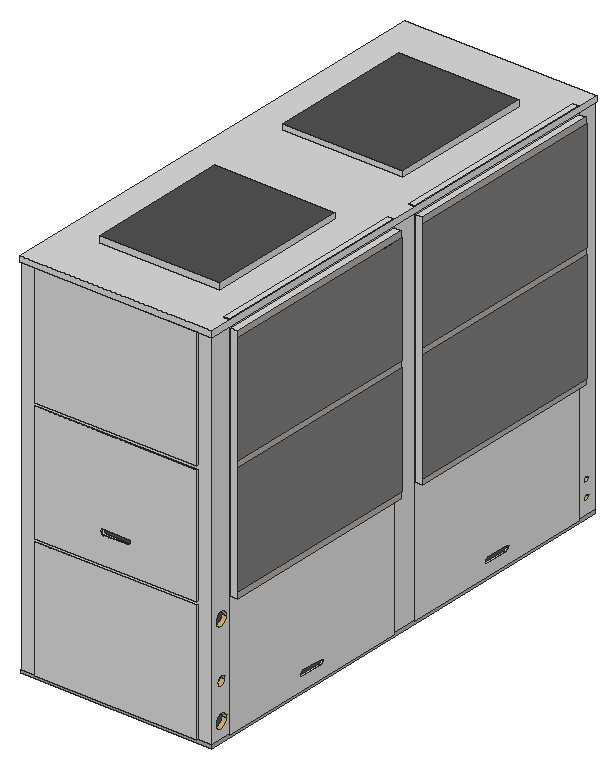
Revit family "Heat Pump-Vertical-Carrier-Packaged-Dual Blower-17.5-30 tons", category Mechanical Equipment, Revit 2019 (continued)
Connectors (in)
  hvac at (17.23, -19.25, 41.25), driven by "RA Height", driven by "RA Width", driven by "Return Air Flow"
    settings: on Extrusion 4, index 2, duct flow 0 CFM, flow factor 0, pres drop 0.00 in-wg, loss coef 0, conn angle 0.00°, conn width 34", conn height 38", conn diameter 24", duct sys type 2, conn prof type 1, flow config 0, flow direction 1, loss method 0, conn ref index -1, conn util no, is conn primary yes, conn desc "Air In"
  piping at (15, -38.025, 3.25), diameter 2, driven by "Water Radius"
    settings: on cut or joined group of Extrusion 1, Extrusion 11, Extrusion 14, Extrusion 15, Extrusion 16, index 3, connector inside diameter 2", connector length 0.000", flow factor 0, pipe flow 0 GPM, pressure drop 0.00 psi, fitting loss kfactor 0, connector angle 0.00°, fixture units 0, engagement length 0.000", angle of deflection 0.00°, flow configuration 0, flow direction 1, fitting loss method 0, system type 7, joint type 0, gender type 0, connector reference index 5, connector utility 0, adjustable connector no, is connector primary yes, connector description "Water In"
  piping at (15, -38.025, 9.25), diameter 1.25, driven by "Drain Radius"
    settings: on cut or joined group of Extrusion 1, Extrusion 11, Extrusion 14, Extrusion 15, Extrusion 16, index 4, connector inside diameter 1 1/4", connector length 0.000", flow factor 0, pipe flow 0 GPM, pressure drop 0.00 psi, fitting loss kfactor 0, connector angle 0.00°, fixture units 0, engagement length 0.000", angle of deflection 0.00°, flow configuration 1, flow direction 2, fitting loss method 0, system type 16, joint type 0, gender type 0, connector reference index -1, connector utility 0, adjustable connector yes, is connector primary no, connector description "Drain Out"
  piping at (15, -38.025, 18.5), diameter 2, driven by "Water Pressure Drop", driven by "Water Flow", driven by "Water Radius"
    settings: on cut or joined group of Extrusion 1, Extrusion 11, Extrusion 14, Extrusion 15, Extrusion 16, index 5, connector inside diameter 2", connector length 0.000", flow factor 0, pipe flow 0 GPM, pressure drop 0.00 psi, fitting loss kfactor 0, connector angle 0.00°, fixture units 0, engagement length 0.000", angle of deflection 0.00°, flow configuration 0, flow direction 2, fitting loss method 4, system type 8, joint type 0, gender type 0, connector reference index 3, connector utility 0, adjustable connector no, is connector primary no, connector description "Water Out"
  electrical at (15, 38.025, 6), driven by "Number of Poles", driven by "Load Classification", driven by "Voltage", driven by "Apparent Load", driven by "Power Factor"
    settings: on cut or joined group of Extrusion 1, Extrusion 11, Extrusion 14, Extrusion 15, Extrusion 16, index 6, voltage 208 V, apparent load 0 VA, apparent load phase1 0 VA, apparent load phase2 0 VA, apparent load phase3 0 VA, power factor 0.8, load classification "HVAC", number of poles 1, system type 30, power factor state 1, is connector primary yes, connector utility no, sub classification motor no, connector description "Power"
  electrical at (15, 38.025, 3.25)
    settings: on cut or joined group of Extrusion 1, Extrusion 11, Extrusion 14, Extrusion 15, Extrusion 16, index 7, voltage 0 V, apparent load 0 VA, apparent load phase1 0 VA, apparent load phase2 0 VA, apparent load phase3 0 VA, power factor 1, load classification "Other", number of poles 1, system type 13, power factor state 1, is connector primary no, connector utility no, sub classification motor no, connector description "Controls"
  hvac at (17.23, 19.25, 41.25), driven by "RA Height", driven by "RA Width", driven by "Return Air Flow"
    settings: on Extrusion 20, index 8, duct flow 0 CFM, flow factor 0, pres drop 0.00 in-wg, loss coef 0, conn angle 0.00°, conn width 34", conn height 38", conn diameter 24", duct sys type 2, conn prof type 1, flow config 0, flow direction 1, loss method 0, conn ref index -1, conn util no, is conn primary no, conn desc "Air In"
